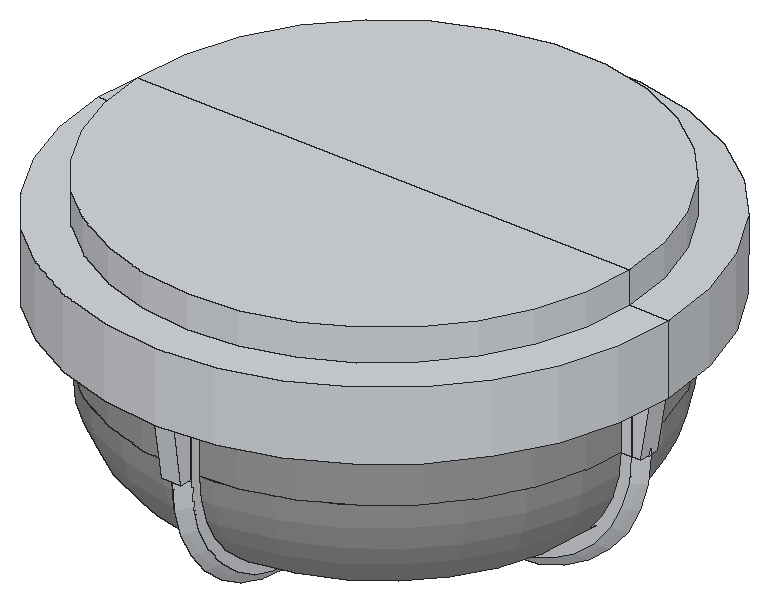
Revit family "O10-S290-E LED 500 AC 840 BL", category Lighting Fixtures, Revit 2016
Family settings
  Part Type = Normal
  Round Connector Dimension = Use Diameter
  OmniClass Number = 23.80.70.00
  OmniClass Title = Lighting
  Work Plane-Based = No
  Always vertical = Yes
  Cut with Voids When Loaded = No
  Light Source = Yes
  Shared = No
  Room Calculation Point = No
Parameters
  Wiring Accessories = ""
  Wattage Comments = ""
  Wattage = 12 W
  VoltageMax = 240 V
  built-in parameter 1150110 = 1 (stored number, unit not read)
  Voltage = 220 V
  UpdateDate = "08.02.2018 18:30:06"
  URL UK = "http://glamox.com/uk/products/O10-S290/items/O10314300"
  URL Sweden = "http://glamox.com/se/produkter/O10-S290/items/O10314300"
  URL Russia = "http://glamox.com/ru/products/O10-S290/items/O10314300"
  URL Other = "http://glamox.com/gsx/products/O10-S290/items/O10314300"
  URL Norway = "http://glamox.com/no/produkter/O10-S290/items/O10314300"
  URL Ireland = "http://glamox.com/ie/products/O10-S290/items/O10314300"
  URL Germany = "http://glamox.com/de/products/O10-S290/items/O10314300"
  URL Finland = "http://glamox.com/fi/products/O10-S290/items/O10314300"
  URL Estonia = "http://glamox.com/ee/products/O10-S290/items/O10314300"
  URL Denmark = "http://glamox.com/dk/produkter/O10-S290/items/O10314300"
  URL = ""
  TypeOfEmergency = ""
  TypeOfBallast = ""
  TotalWattage = 12 W
  Total Load = 12 W
  built-in parameter 1114217 = 1 (stored number, unit not read)
  Top Radius = Radius - 32.5 mm  # 112.5 mm
  Tilt Angle = 90.00°
  Termination = "5x2x2,5 PI"
  built-in parameter 1150109 = 1 (stored number, unit not read)
  built-in parameter 1150134 = (empty or 0)
  built-in parameter 1150113 = 1 (stored number, unit not read)
  Specification = "Outdoor product, in Aluminium, for Surface/Wall mounting, impact classification IK10, IP66, light source LED, lumen out 435lm, ballast type AC, with light source type CRI>80, 4000K, with Polycarbonate diffuser."
  Remark = ""
  RatedVoltage = 220 V
  PowerFactor = 98.00%
  Power Factor = 0.98
  Plug Type = ""
  Photometric Web File = "O10-S290-E-LED-500-840.ies"
  Optic = ""
  Number of Poles = 1
  NominalFrequencyRange = 50 Hz
  ModelReference = "O10-S290"
  ModelLabel = "O10-S290-E LED 500 AC 840 BL"
  Maximum TA = 40
  MaintenanceFactor = 0
  MFArtNo = "O10314300"
  LumDiameter = Diameter  # 290 mm
  Load Classification [instance] = Lighting
  Model = ""
  Manufacturer = "Glamox"
  Lumens = 435 lm
  built-in parameter 1150115 = 1 (stored number, unit not read)
  built-in parameter 1150105 = 34.616 (stored number, unit not read)
  LightFixturePlacingType = "CEILING"
  LightFixtureMountingType = "SURFACE"
  built-in parameter 1150137 = (empty or 0)
  built-in parameter 1150139 = (empty or 0)
  LampBase = ""
  Lamp Wattage Comments = ""
  built-in parameter 1150112 = 1 (stored number, unit not read)
  built-in parameter 1150114 = 1 (stored number, unit not read)
  Lamp = "LED"
  built-in parameter 1150132 = 2
  built-in parameter 1150102 = (empty or 0)
  built-in parameter 1150138 = (empty or 0)
  built-in parameter 1150107 = 3000 (stored number, unit not read)
  built-in parameter 1150106 = 0.34616 (stored number, unit not read)
  IP_Code = "66"
  IPClass = "66"
  IK_Code = ""
  IFC Classification = "Light Fixture"
  Height = 149 mm
  GlobalTradeItemNumber = "4741145295499"
  Glamox Mounting = "Surface"
  Glamox Family = "O10-S290"
  Glamox Category = "Outdoor"
  FrequencyMax = 60 Hz
  Frequency = 50 Hz
  Expired = "0"
  Emit from Circle Diameter = LumDiameter  # 290 mm
  Emit Shape Visible in Rendering = yes
  built-in parameter 1150104 = 3.3677 (stored number, unit not read)
  ELNo Norway = ""
  ELNo Finland = ""
  EANNo = "4741145295499"
  DurationInBatteryMode = ""
  Dimming Lamp Color Temperature Shift = Incandescent Lamp Curve
  Diameter = 290 mm
  Description = "O10-S290-E LED 500 AC 840 BL"
  Cut Out = ""
  Completion = ""
  Color Filter = 16777215
  Radius = Diameter / 2  # 145 mm
  Body Material and Colour = Default
  built-in parameter 1114218 = 1 (stored number, unit not read)
  built-in parameter 1150133 = 10 (stored number, unit not read)
  Assembly Code = ""
  ArticleNumber = "O10314300"
  Apparent Load = Total Load / Power Factor  # 12.2449 VA
  #Ballast = 1
  # ballast on a MCB16 type C fuse = "176"
  # ballast on a MCB16 type B fuse = "130"
Reference planes
  plane 1 "Light Source Axis (F/B)": y = 119.961
  plane 2: z = 0
  plane 3 "Light Source Axis (L/R)": x = 0
  plane 4 "Light Source Elevation": z = -150.079
  plane 5: z = -150.079
  plane 6: x = 145
  plane 7: x = 125
  plane 8: x = 0
  plane 9: y = 0.31
Forms (mm)
  Extrusion 1, solid, material "Default" <- "Body Material and Colour", not visible
    sketch origin (-13.045, 0, -1.079) x (1, 0, 0) y (0, 1, 0)
      loop
        circle (0, 119.961) r 10
    from -1.079 to 0
  Revolve 2, solid
    sketch origin (0, 0, -1.079) x (-1, 0, 0) y (0, 0, -1)
      loop
        arc (-66, 140.079) -> (-107.719, 122.798) -> (-125, 81.079) r 59
        line (-125, 81.079) -> (-125, 51.079) -> (-125, 48.126) -> (-140, 48.126) -> (-140, 51.079) -> (-145, 51.079) -> (-145, 16.079) -> (-125, 16.079) -> (-125, 0) -> (0, 0) -> (0, 140.079) -> (-66, 140.079)
      axis (0, 140.079) -> (0, 0)
    angle from 0 to 360
  Extrusion 3, solid
    sketch origin (0, 0, -1.079) x (-1, 0, 0) y (0, 0, -1)
      loop
        line (-140, 51.079) -> (-125, 51.079) -> (-125, 81.079) -> (-134.828, 81.079) -> (-140, 51.079)
    from -5 to 5
  Extrusion 4, solid
    sketch origin (0, 0, -1.079) x (1, 0, 0) y (0, 0, 1)
      loop
        line (-140, -51.079) -> (-134.916, -81.079) -> (-125, -81.079) -> (-125, -51.079) -> (-140, -51.079)
    from -5 to 5
  Extrusion 5, solid
    sketch origin (0, 0, -1.079) x (0, 1, 0) y (0, 0, -1)
      loop
        line (140, 51.079) -> (135.076, 81.079) -> (125.456, 81.079) -> (125.456, 51.079) -> (140, 51.079)
    from -5.31 to 4.69
  Extrusion 6, solid
    sketch origin (0, 0, -1.079) x (0, -1, 0) y (0, 0, 1)
      loop
        line (140, -51.079) -> (125, -51.079) -> (125, -81.079) -> (135.095, -81.079) -> (140, -51.079)
    from -5 to 5
  Sweep 7, solid
    path origin (0, 0, -1.079) x (-1, 0, 0) y (0, 0, -1)
      loop
        line (-130, 51.079) -> (-130, 81.079)
        arc (-130, 81.079) -> (-110.962, 127.041) -> (-65, 146.079) r 65
        line (-65, 146.079) -> (0, 146.079) -> (64.958, 146.079)
        arc (64.958, 146.079) -> (110.92, 127.041) -> (129.958, 81.079) r 65
        line (129.958, 81.079) -> (129.958, 51.079)
    profile origin (110.962, 0, -128.12) x (0.707107, 0, -0.707107) y (0, -1, 0)
      loop
        line (-5.707, 5) -> (-5.707, -5) -> (0, -5)
        arc (0, -5) -> (3.052, -2.976) -> (5.564, -0.31) r 16
        arc (5.564, -0.31) -> (3.133, 2.528) -> (0.33, 5) r 26.787
        line (0.33, 5) -> (-5.707, 5)
  Sweep 8, solid
    path origin (0.31, 1.234, -1.491) x (0, -1, 0) y (0, 0, -1)
      loop
        line (-130, 51.079) -> (-130, 81.079)
        arc (-130, 81.079) -> (-110.962, 127.041) -> (-65, 146.079) r 65
        line (-65, 146.079) -> (0, 146.079) -> (64.958, 146.079)
        arc (64.958, 146.079) -> (110.92, 127.041) -> (129.958, 81.079) r 65
        line (129.958, 81.079) -> (129.958, 50.667)
    profile origin (0.31, 112.196, -128.532) x (0, 0.707107, -0.707107) y (1, 0, 0)
      loop
        line (-5.707, 5) -> (-5.707, -5) -> (0, -5)
        arc (0, -5) -> (3.052, -2.976) -> (5.564, -0.31) r 16
        arc (5.564, -0.31) -> (3.133, 2.528) -> (0.33, 5) r 26.787
        line (0.33, 5) -> (-5.707, 5)
Lines and regions (mm)
  symbolic lines
    curve 1: circle (0, 0.31, -150.079) r 145 normal (0, 0, -1)
    curve 2: line (0, 0.31, -150.079) -> (102.53, 102.841, -150.079)
    curve 3: line (0, 0.31, -150.079) -> (-102.53, 102.841, -150.079)
    curve 4: line (0, 0.31, -150.079) -> (-102.53, -102.22, -150.079)
    curve 5: line (0, 0.31, -150.079) -> (102.53, -102.22, -150.079)
Dimensions and locks
  "Height": plane 5 to level
  "Radius": plane 6 to plane 8
  aligned and locked: plane 4 "Light Source Elevation" to imposter light
  aligned and locked: plane 1 "Light Source Axis (F/B)" to Extrusion 1 sketch curve
  aligned and locked: Revolve 2 sketch curve to Revolve 2 sketch curve
  aligned and locked: Revolve 2 to Extrusion 3 sketch curve
  aligned and locked: Extrusion 4 sketch curve to Revolve 2  (x2)
  aligned and locked: Sweep 7 sketch curve to Sweep 7 sketch curve
  aligned and locked: Extrusion 4 to Sweep 7 sketch curve
  aligned and locked: Sweep 8 sketch curve to Sweep 8 sketch curve
  aligned and locked: Sweep 7 to Extrusion 4
  aligned and locked: Revolve 2 to Revolve 2
  aligned and locked: plane 5 to imposter light
  aligned and locked: plane 6 to Revolve 2
  aligned and locked: plane 7 to Revolve 2
  aligned and locked: plane 3 "Light Source Axis (L/R)" to plane 8
  aligned and locked: level to Revolve 2 sketch curve
  aligned and locked: plane 4 "Light Source Elevation" to plane 5
  aligned and locked: plane 9 to Sweep 7
  aligned and locked: imposter light to plane 9
Automatic sketch dimensions
  Extrusion 1 sketch curve to plane 3 "Light Source Axis (L/R)" = 13.045 mm
  Revolve 2 sketch curve to plane 6 = 0 mm
  plane 7 to Revolve 2 sketch curve = 0 mm
  Revolve 2 sketch curve to plane 7 = 0 mm
  Revolve 2 sketch curve to plane 3 "Light Source Axis (L/R)" = 0 mm  (x2)
  Revolve 2 sketch curve to plane 6 = 5 mm
  Revolve 2 sketch curve to Revolve 2 sketch curve = 59 mm
  Revolve 2 sketch curve to level = 16.079 mm
  Revolve 2 sketch curve to Revolve 2 sketch curve = 32.047 mm
  Revolve 2 sketch curve to Revolve 2 sketch curve = 2.953 mm  (x2)
  Revolve 2 sketch curve to Revolve 2 sketch curve = 30 mm
  plane 2 to Revolve 2 sketch curve = 28.842 mm
  plane 4 "Light Source Elevation" to Revolve 2 sketch curve = 16.079 mm
  plane 7 to Extrusion 3 sketch curve = 0 mm
  Extrusion 3 sketch curve to Extrusion 3 sketch curve = 9.828 mm
  Extrusion 3 sketch curve to plane 6 = 5 mm
  Extrusion 3 sketch curve to Extrusion 3 sketch curve = 30 mm
  Extrusion 4 sketch curve to Extrusion 4 sketch curve = 5.084 mm
  Extrusion 4 sketch curve to Extrusion 4 sketch curve = 9.916 mm
  Extrusion 4 sketch curve to Extrusion 4 sketch curve = 30 mm
  Extrusion 5 sketch curve to plane 1 "Light Source Axis (F/B)" = 5.495 mm
  Extrusion 5 sketch curve to Extrusion 5 sketch curve = 9.621 mm
  Extrusion 5 sketch curve to Extrusion 5 sketch curve = 14.544 mm
  Extrusion 5 sketch curve to level = 51.079 mm
  Extrusion 5 sketch curve to Extrusion 5 sketch curve = 30 mm
  Extrusion 6 sketch curve to level = 51.079 mm
  Extrusion 6 sketch curve to plane 9 = 125.31 mm
  Extrusion 6 sketch curve to Extrusion 6 sketch curve = 10.095 mm
  Extrusion 6 sketch curve to Extrusion 6 sketch curve = 15 mm
  Extrusion 6 sketch curve to Extrusion 6 sketch curve = 30 mm
  Sweep 7 sketch curve to plane 3 "Light Source Axis (L/R)" = 0 mm
  Sweep 7 sketch curve to plane 7 = 60 mm
  plane 7 to Sweep 7 sketch curve = 5 mm
  Sweep 7 sketch curve to plane 3 "Light Source Axis (L/R)" = 64.958 mm
  Sweep 7 sketch curve to Sweep 7 sketch curve = 65 mm
  Sweep 7 sketch curve to Sweep 7 sketch curve = 30 mm  (x2)
  Sweep 7 sketch curve to profile plane = 0 mm
  profile plane to Sweep 7 sketch curve = 5.707 mm
  Sweep 7 sketch curve to Sweep 7 sketch curve = 1.552 mm
  Sweep 7 sketch curve to Sweep 7 sketch curve = 10.238 mm
  Sweep 7 sketch curve to profile plane = 0.33 mm
  Sweep 7 sketch curve to profile plane = 16.276 mm
  Sweep 7 sketch curve to profile plane = 5 mm
  profile plane to Sweep 7 sketch curve = 5 mm
  Sweep 7 sketch curve to Sweep 7 sketch curve = 4.259 mm
  Sweep 8 sketch curve to plane 1 "Light Source Axis (F/B)" = 11.274 mm
  Sweep 8 sketch curve to plane 4 "Light Source Elevation" = 2.509 mm
  plane 1 "Light Source Axis (F/B)" to Sweep 8 sketch curve = 53.726 mm
  plane 9 to Sweep 8 sketch curve = 0.924 mm
  Sweep 8 sketch curve to plane 9 = 64.034 mm
  Sweep 8 sketch curve to Sweep 8 sketch curve = 65 mm
  Sweep 8 sketch curve to Sweep 8 sketch curve = 30 mm
  Sweep 8 sketch curve to Sweep 8 sketch curve = 30.412 mm
  Sweep 8 sketch curve to profile plane = 0 mm
  profile plane to Sweep 8 sketch curve = 5.707 mm
  Sweep 8 sketch curve to Sweep 8 sketch curve = 1.552 mm
  Sweep 8 sketch curve to Sweep 8 sketch curve = 10.238 mm
  Sweep 8 sketch curve to profile plane = 0.33 mm
  Sweep 8 sketch curve to profile plane = 16.276 mm
  Sweep 8 sketch curve to profile plane = 5 mm
  profile plane to Sweep 8 sketch curve = 5 mm
  Sweep 8 sketch curve to Sweep 8 sketch curve = 4.259 mm
  curve 2 to plane 3 "Light Source Axis (L/R)" = 0 mm
  curve 2 to plane 9 = 0 mm
  curve 1 to plane 3 "Light Source Axis (L/R)" = 0 mm
  curve 1 to plane 9 = 0 mm
  plane 1 "Light Source Axis (F/B)" to curve 3 = 17.12 mm
  plane 1 "Light Source Axis (F/B)" to curve 2 = 17.12 mm
  radius of Extrusion 1 sketch curve = 10 mm
Connectors
  electrical at (-13.045, 119.961, -1.079), driven by "Voltage", driven by "Total Load", driven by "Number of Poles", driven by "Load Classification", driven by "Power Factor"
    settings: on Extrusion 1, index 1, voltage 220 V, apparent load 0 VA, apparent load phase1 12 VA, apparent load phase2 0 VA, apparent load phase3 0 VA, power factor 0.98, load classification "Lighting", number of poles 1, system type 31, power factor state 1, is connector primary yes, connector utility no, sub classification motor no, connector description ""
